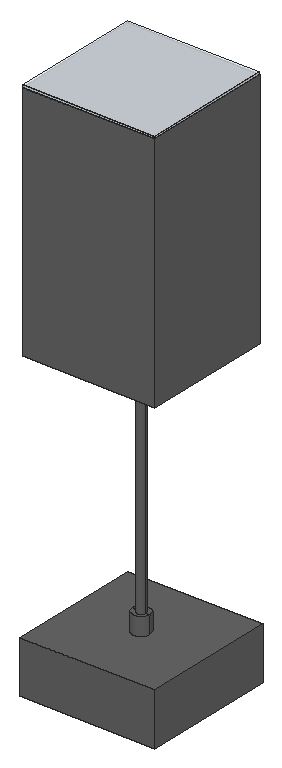
Revit family "LTC-6SQDPH-P", category Lighting Fixtures, host Face, Revit 2017
Family settings
  Host = Face
  Round Connector Dimension = Use Diameter
  Part Type = Normal
  OmniClass Number = 23.80.70.11.14.11
  OmniClass Title = Downlights
  Cut with Voids When Loaded = No
  Light Source = Yes
  Shared = No
  Room Calculation Point = No
Parameters (values of type "LTC-6SQDPH-PPC")
  Wattage Comments = "8-52W"
  Wattage = 100 W
  Warranty = "• 5 year warranty\r\n• See HLI Standard Warranty for\r\nadditional information"  # constant formula
  built-in parameter 1150110 = 1 (stored number, unit not read)
  Voltage = 120 V
  built-in parameter 1114217 = 1 (stored number, unit not read)
  Tilt Angle = -90.00°  # constant formula
  built-in parameter 1150109 = 1 (stored number, unit not read)
  built-in parameter 1150134 = 3
  built-in parameter 1150113 = 1 (stored number, unit not read)
  Recessed = yes
  RMD = no
  Photometric Web File = "LTC-6SQDPH-P-20L35K8MD-PM-S-BL.ies"
  Features = "•\t6 inch architectural LED downlight cylinder delivering 600–2000 lm \r\n•\tFive beam distributions from 0.4 to 1.2 Spacing Criteria\r\n•\tQuiet reflector appearance with 50º optical cutoff\r\n•\t2700K - 5000K, 80+ and 90+ CRI options \r\n•\tAvailable in Surface, Wall, Pendant, or Cable/Cord Mount configurations\r\n•\tVersatile canopy options for recessed and surface-mounted J-box applications \r\n•\tPowerHUBB™ enables low-voltage wired connectivity for Power over Ethernet (PoE) network system deployment\r\n"  # constant formula
  Emit from Rectangle Width = 7.500"  # constant formula
  Emit from Rectangle Length = 7.500"  # constant formula
  Cord Height = 17.500"
  built-in parameter 1150105 = -5684000 (stored number, unit not read)
  Lumens = 2000 lm
  built-in parameter 1150115 = 1 (stored number, unit not read)
  built-in parameter 1150137 = (empty or 0)
  built-in parameter 1150139 = (empty or 0)
  built-in parameter 1150112 = 1 (stored number, unit not read)
  built-in parameter 1150114 = 1 (stored number, unit not read)
  built-in parameter 1150132 = 2
  built-in parameter 1150102 = (empty or 0)
  built-in parameter 1150107 = 3200 (stored number, unit not read)
  built-in parameter 1150138 = (empty or 0)
  built-in parameter 1150106 = -56840 (stored number, unit not read)
  Emit Shape Visible in Rendering = no
  built-in parameter 1150104 = 1.8581 (stored number, unit not read)
  Dimming Lamp Color Temperature Shift = <None>
  Copyright = "© 2021 Prescolite, a division of Hubbell Lighting, Inc"  # constant formula
  Contact us = "https://www.hubbell.com/prescolite/en/contactUs"
  Color Filter = 16777215
  Certifications = "• cCSAus certified to UL 1598\r\n• Wall Mount: Suitable for wet locations\r\n• Surface & Pendant Mount: Suitable for wet\r\nlocations under covered ceiling\r\n• Cord Mount and all Wall Wash: Suitable for\r\ndamp locations"  # constant formula
  Canopy Width = 7.750"
  Canopy Height = 3.000"
  built-in parameter 1114218 = 1 (stored number, unit not read)
  Ballast = Paint - Hubbell - Carbon Black
  URL = "https://www.hubbell.com/prescolite/en"
  Product Page URL = "https://www.hubbell.com/prescolite/en/Products/Lighting-Controls/Commercial-Indoor-Lighting/Cylinders/LITEISTRY-6-Square-Cylinder-wPowerHUBB/p/3775909"
  Product Documentation Link = "https://hubbellcdn.com/specsheet/LTC-6SQDPH%20PowerHUBB.pdf"
  Model = "LTC-6SQDPH"  # constant formula
  Manufacturer = "Prescolite"  # constant formula
  Lamp = "LED Lamp"
  Reflector = Glass - Hubbell - Glass
  Description = "LITEISTRY™ 6inch Square Cylinder with PowerHubb"  # constant formula
  Default Elevation = 48.000"
  built-in parameter 1150133 = 10 (stored number, unit not read)
  Apparent Load = 52 VA  # constant formula
Types (4): name | Recessed | Canopy Width | Canopy Height
  (no name) | yes | 7.750" | 3.000"
  LTC-6SQDPH-PRMD | yes | 7.000" | 0.260"
  LTC-6SQDPH-PPC | yes | 7.750" | 3.000"
  LTC-6SQDPH-PPCC | no | 7.830" | 4.500"
Reference planes (in)
  plane 1 "Center (Front/Back)": y = 0
  plane 2: z = 0
  plane 3 "Center (Left/Right)": x = 0
  plane 4: z = 17.5
  plane 5: z = 17.25
  plane 6: x = -1
  plane 7: y = 1
  plane 8: x = 1
  plane 9: y = -1
  plane 10: x = 3
  plane 11: x = -3
  plane 12: x = -2.75391
  plane 13: x = 2.75391
  plane 14: x = -3.875
  plane 15: x = 3.875
  plane 16: z = 3
  plane 17: y = 3.875
  plane 18: y = -3.875
  plane 19: z = 31.5
Forms (in)
  Revolve 1, solid, material "Paint - Hubbell - Carbon Black" <- "Ballast"
    sketch origin (0, 0, -5.91673) x (1, 0, 0) y (0, 0, 1)
      loop
        line (0, 23.41673) -> (-0.38833, 23.41673) -> (-1.06332, 23.41673)
        arc (-1.06332, 23.41673) -> (-1.08372, 23.23867) -> (-1.06332, 23.0606) r 0.78757
        arc (-1.06332, 23.0606) -> (-0.75401, 23.02515) -> (-0.44277, 23.0172) r 3.51531
        arc (-0.44277, 23.0172) -> (-0.34697, 23.00218) -> (-0.25, 23.00372) r 0.56641
        line (-0.25, 23.00372) -> (-0.25, 9.91673) -> (-0.5, 9.91673) -> (-0.5, 8.91673) -> (0, 8.91673) -> (0, 23.41673)
      axis (0, 23.41673) -> (0, 8.91673)
    angle from 0 to 360
  Revolve 2, solid, material "Paint - Hubbell - Carbon Black" <- "Ballast", visible <- "RMD"
    sketch origin (0, 0, 0) x (1, 0, 0) y (0, 0, 1)
      loop
        line (0, -6) -> (0, 0.62555) -> (-2.5, 0.62555) -> (-2.5, -0.43712)
        arc (-2.5, -0.43712) -> (-2.48175, -0.48119) -> (-2.43767, -0.49945) r 0.06233
        line (-2.43767, -0.49945) -> (-2.30081, -0.49945)
        arc (-2.30081, -0.49945) -> (-2.26488, -0.51433) -> (-2.25, -0.55026) r 0.05081
        line (-2.25, -0.55026) -> (-2.25, -4.55877)
        arc (-2.25, -4.55877) -> (-2.2306, -4.6056) -> (-2.18377, -4.625) r 0.06623
        line (-2.18377, -4.625) -> (-2.03463, -4.625)
        arc (-2.03463, -4.625) -> (-2.01014, -4.63514) -> (-2, -4.65963) r 0.03463
        line (-2, -4.65963) -> (-2, -5.88059)
        arc (-2, -5.88059) -> (-1.96503, -5.96503) -> (-1.88059, -6) r 0.11941
        line (-1.88059, -6) -> (0, -6)
      axis (0, 0.62555) -> (0, -6)
    angle from 0 to 360
  Extrusion 3, solid, material "Paint - Hubbell - Carbon Black" <- "Ballast"
    sketch origin (0, 0, 0) x (1, 0, 0) y (0, 0, 1)
      loop
        line (-3.875, 0) -> (3.875, 0) -> (3.875, 3) -> (-3.875, 3) -> (-3.875, 0)
    from -3.875 to 3.875
  Extrusion 4, solid, material "Paint - Hubbell - Carbon Black" <- "Ballast", visible <- "Recessed"
    sketch origin (7.83986, -180, 7.93836) x (-1, 0, 0) y (0, -1, 0)
      loop
        line (9.1389, -182.25) -> (10.43794, -180) -> (9.1389, -177.75) -> (6.54083, -177.75) -> (5.24179, -180) -> (6.54083, -182.25) -> (9.1389, -182.25)
    from -8.74081 to -7.93836
Dimensions and locks (in)
  "Cord Height": plane 4 to host face
  locked: plane 4 to plane 5 at 0.25
  plane 6 to plane 3 "Center (Left/Right)" to plane 8 = 1.000" locked, 1.000" locked
  plane 7 to plane 1 "Center (Front/Back)" to plane 9 = 1.000" locked, 1.000" locked
  host face to Revolve 2 sketch curve = 6.000"
  nested 1 to plane 4 = 14.000"
  equal spacing: plane 15, plane 3 "Center (Left/Right)", plane 14
  "Canopy Width": plane 15 to plane 14
  "Canopy Height": plane 16 to host face
  equal spacing: plane 17, plane 1 "Center (Front/Back)", plane 18
  "Canopy Width": plane 17 to plane 18
  locked: Revolve 1 sketch curve to Revolve 1 sketch curve at 1
  locked: plane 19 to plane 4 at 14
  aligned and locked: plane 2 to host face
  aligned and locked: Revolve 1 sketch curve to plane 4
  aligned and locked: plane 3 "Center (Left/Right)" to nested 1
  aligned and locked: nested 1 to plane 1 "Center (Front/Back)"
  aligned and locked: plane 3 "Center (Left/Right)" to imposter light
  aligned and locked: Extrusion 3 sketch curve to level
  aligned and locked: Extrusion 3 sketch curve to plane 14
  aligned and locked: Extrusion 3 sketch curve to plane 16
  aligned and locked: plane 15 to Extrusion 3 sketch curve
  aligned and locked: plane 18 to Extrusion 3
  aligned and locked: Extrusion 3 to plane 17
  aligned and locked: imposter light to plane 19
Automatic sketch dimensions
  host sketch curve to host sketch curve = 96.000"  (x2)
  Revolve 2 sketch curve to plane 3 "Center (Left/Right)" = 0.000"  (x2)
  plane 12 to Revolve 2 sketch curve = 0.87332"
  Revolve 2 sketch curve to Revolve 2 sketch curve = 0.11941"
  Revolve 2 sketch curve to Revolve 2 sketch curve = 0.03463"
  Revolve 2 sketch curve to Revolve 2 sketch curve = 0.14914"
  Revolve 2 sketch curve to Revolve 2 sketch curve = 0.06623"
  Revolve 2 sketch curve to Revolve 2 sketch curve = 0.05081"
  Revolve 2 sketch curve to Revolve 2 sketch curve = 0.13687"
  level to Revolve 2 sketch curve = 0.62555"
  plane 12 to Revolve 2 sketch curve = 0.25391"
  Revolve 2 sketch curve to Revolve 2 sketch curve = 1.22096"
  Revolve 2 sketch curve to level = 0.55026"
  Revolve 2 sketch curve to Revolve 2 sketch curve = 17.63999"
  plane 4 to Revolve 2 sketch curve = 31.07883"
  Revolve 1 sketch curve to plane 3 "Center (Left/Right)" = 0.000"  (x2)
  Revolve 1 sketch curve to plane 3 "Center (Left/Right)" = 0.250"
  Revolve 1 sketch curve to Revolve 1 sketch curve = 0.04614"
  plane 4 to Revolve 1 sketch curve = 0.15048"
  Revolve 1 sketch curve to plane 3 "Center (Left/Right)" = 0.30745"
  Revolve 1 sketch curve to Revolve 1 sketch curve = 0.08088"
  Revolve 1 sketch curve to Revolve 1 sketch curve = 0.250"
  plane 6 to Revolve 1 sketch curve = 0.49121"
  Revolve 1 sketch curve to plane 6 = 0.06332"
  Revolve 1 sketch curve to plane 5 = 0.16301"
  plane 5 to Revolve 1 sketch curve = 0.07193"
  Revolve 1 sketch curve to Revolve 1 sketch curve = 2.96468"
  Revolve 1 sketch curve to plane 5 = 0.14953"
  Revolve 1 sketch curve to Revolve 1 sketch curve = 4.62756"
  Revolve 1 sketch curve to level = 13.75728"
  Revolve 1 sketch curve to plane 16 = 0.000"
Nested families (in)
  nested 1: "LTC" at (0, 0, 17.5) x (0, 1, 0) z (0, 0, 1), Ballast <- "Ballast", Reflector <- "Reflector", type "6"
    with Reflector Glass - Hubbell - Glass, Ballast Paint - Hubbell - Carbon Black
Connectors (in)
  electrical at (0, 0, 0), driven by "Description", driven by "Voltage", driven by "Apparent Load"
    settings: index 1, voltage 120 V, apparent load 52 VA, apparent load phase1 0 VA, apparent load phase2 0 VA, apparent load phase3 0 VA, power factor 1, load classification "Other", number of poles 1, system type 30, power factor state 1, is connector primary yes, connector utility no, sub classification motor no, connector description "LITEISTRY™ 6inch Square Cylinder with PowerHubb"
Definition of nested family "LTC"
  Parameters
    Width = 7.58984"
    Wattage Comments = ""
    Lamp = ""
    Height = 14.000"
    Ballast [instance] = none
    URL = ""
    Product Page URL = ""
    Product Documentation Link = ""
    Model = ""
    Manufacturer Phone = ""
    Manufacturer Fax = ""
    Manufacturer = "Prescolite"
    Reflector [instance] = none
    Description = ""
    Default Elevation = 48.000"
  Reference planes (in)
    plane 1 "Center (Front/Back)": y = 0
    plane 2: z = 0
    plane 3 "Center (Left/Right)": x = 0
    plane 4: y = 3.79492
    plane 5: y = -3.79492
    plane 6: z = 14
    plane 7: z = 0.125
    plane 8: x = 3.79492
    plane 9: z = 13.875
    plane 10: x = -3.79492
  Forms (in)
    Extrusion 1, solid
      sketch origin (0, 0, 0) x (1, 0, 0) y (0, 1, 0)
        loop
          line (-48, 48) -> (-48, -48) -> (48, -48) -> (48, 48) -> (-48, 48)
      from 0 to -6
    Extrusion 2, solid, material <- "Reflector"
      sketch origin (0, 0, 30.25) x (1, 0, 0) y (0, 1, 0)
        loop
          line (-3.79492, 3.79492) -> (-3.79492, -3.79492) -> (3.79492, -3.79492) -> (3.79492, 3.79492) -> (-3.79492, 3.79492)
      from -16.25 to -16.375
    Extrusion 3, solid, material <- "Ballast"
      sketch origin (0, 0, 0) x (1, 0, 0) y (0, 1, 0)
        loop
          line (-3.79492, 3.79492) -> (-3.79492, -3.79492) -> (3.79492, -3.79492) -> (3.79492, 3.79492) -> (-3.79492, 3.79492)
      from 0 to 13.875
  Dimensions and locks (in)
    equal spacing: plane 4, plane 1 "Center (Front/Back)", plane 5
    "Width": plane 5 to plane 4
    equal spacing: plane 10, plane 3 "Center (Left/Right)", plane 8
    "Width": plane 10 to plane 8
    "Height": plane 6 to Extrusion 1
    locked: plane 6 to plane 9 at 0.125
    aligned and locked: plane 2 to Extrusion 1
    aligned and locked: Extrusion 2 to plane 9
    aligned and locked: plane 9 to Extrusion 3
    aligned and locked: plane 6 to Extrusion 2
  Automatic sketch dimensions
    Extrusion 1 sketch curve to Extrusion 1 sketch curve = 96.000"  (x2)
    Extrusion 3 sketch curve to plane 5 = 0.000"
    Extrusion 3 sketch curve to plane 10 = 0.000"
    Extrusion 3 sketch curve to plane 8 = 0.000"
    plane 4 to Extrusion 3 sketch curve = 0.000"
    Extrusion 2 sketch curve to plane 5 = 0.000"
    Extrusion 2 sketch curve to plane 10 = 0.000"
    Extrusion 2 sketch curve to plane 8 = 0.000"
    plane 4 to Extrusion 2 sketch curve = 0.000"
